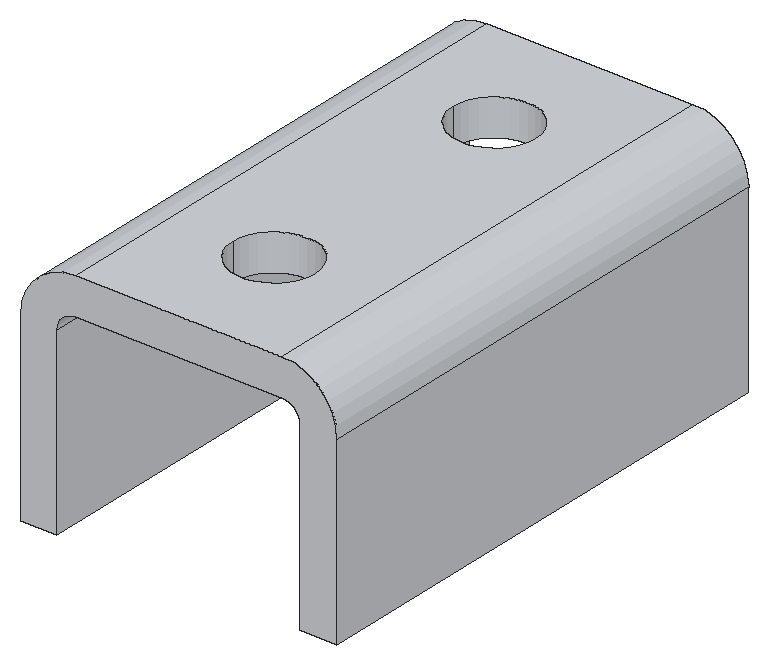
Revit family "Fitting-U_Shape-Unistrut-P1376", category Specialty Equipment, Revit 2012
Parameters
  ecoScorecard_data = "http://products.ecoscorecard.com/atkore/P1376"
  ecoScorecard Product Page = "http://products.ecoscorecard.com/atkore/P1376?action=html"
  Weight Per Piece = 1.28 lbf
  Unit = none
  Unistrut Part Number = "P1376"  # constant formula
  URL = "http://unistrut.us/index.php"
  Thickness = 1/4"
  Subcategory = "U Shape Fittings"
  Product Page URL = "http://unistrut.us/index.php?WP=cat_detail&S=S05&P=P1376"
  Power Strut Part Number = "PS 631"  # constant formula
  Part Type = "Fitting"  # constant formula
  Overall Width = 2 5/32"
  Overall Length = 1 5/8"
  Overall Height = 3 1/2"
  Model = "P1376"
  Material = ""
  Manufacturer Phone - Toll Free = "800-882-5543"  # constant formula
  Manufacturer Phone = "708-339-1610"  # constant formula
  Manufacturer Fax = "708-339-7814"  # constant formula
  Manufacturer Email = "mailto:jshaw@atkore.com"
  Manufacturer Address = "16100 South Lathrop Avenue, Harvey, IL 60426"  # constant formula
  Manufacturer = "Unistrut by Atkore International"  # constant formula
  Load Capacity Note = "Visit the product page for load application and capacity."  # constant formula
  Literature URL = "http://unistrut.us/index.php?WP=LItLibrary"
  Hole Diameter = 9/16"
  Default Elevation = 48"
  Cost Info = "mailto:jshaw@atkore.com"
  Construction Note = ""
  Category = "Specialty Equipment"  # constant formula
  CAD URL = "http://unistrut.us/index.php?WP=CAD3d"
  Assembly Code = "D5020100"
  95 CSI = "16070"  # constant formula
  04 CSI = "26 05 48"  # constant formula
Reference planes (in)
  plane 1 "Center (Front/Back)": y = 0
  plane 2: z = 0
  plane 3 "Center (Left/Right)": x = 0
  plane 4: x = 1.07813
  plane 5: x = -1.07813
  plane 6: z = 1.625
  plane 7: y = 1.75
  plane 8: y = -1.75
  plane 9: z = 1.37461
  plane 10: y = 0.9375
  plane 11: y = -0.9375
Dimensions and locks (in)
  equal spacing: plane 5, plane 3 "Center (Left/Right)", plane 4
  "Overall Width": plane 5 to plane 4
  "Overall Length": plane 6 to level
  equal spacing: plane 7, plane 1 "Center (Front/Back)", plane 8
  "Overall Height": plane 7 to plane 8
  aligned and locked: level to plane 2
  aligned and locked: plane 3 "Center (Left/Right)" to nested 1
  aligned and locked: plane 7 to nested 1
Nested families (in)
  nested 1: "1376" at (-0.00024, 0, 0), type "1376"
Definition of nested family "1376"
  Parameters (values of type "1376")
    Unit = none
    URL = ""
    Thickness = 1/4"
    Overall Width = 2 5/32"
    Overall Length = 1 5/8"
    Overall Height = 3 1/2"
    Model = "P1376"
    Manufacturer = ""
    Hole Diameter = 9/16"
    Assembly Code = ""
  Reference planes (in)
    plane 1 "Center (Front/Back)": y = 0
    plane 2: z = 0
    plane 3 "Center (Left/Right)": x = 0.00024
    plane 4: z = 1.625
    plane 5: y = 1.75
    plane 6: y = -1.75
    plane 7: x = -1.07788
    plane 8: x = 1.07837
  Forms (in)
    Extrusion 1, solid
      sketch origin (0, 0, 0) x (1, 0, 0) y (0, 0, 1)
        loop
          line (-0.82797, 0) -> (-0.82797, 1.24963)
          spline (-0.82797, 1.24963) -> (-0.82683, 1.26659) -> (-0.8235, 1.28285) -> (-0.81814, 1.29827) -> (-0.8109, 1.3127) -> (-0.80192, 1.326) -> (-0.79136, 1.338) -> (-0.77936, 1.34856) -> (-0.76607, 1.35754) -> (-0.75164, 1.36478) -> (-0.73622, 1.37014) -> (-0.71996, 1.37346) -> (-0.70301, 1.37461)
          line (-0.70301, 1.37461) -> (0.70301, 1.37461)
          spline (0.70301, 1.37461) -> (0.71996, 1.37346) -> (0.73622, 1.37014) -> (0.75164, 1.36478) -> (0.76607, 1.35754) -> (0.77936, 1.34856) -> (0.79136, 1.338) -> (0.80192, 1.326) -> (0.8109, 1.3127) -> (0.81814, 1.29827) -> (0.8235, 1.28285) -> (0.82682, 1.26659) -> (0.82796, 1.24963)
          line (0.82796, 1.24963) -> (0.82796, 0) -> (1.07788, 0) -> (1.07788, 1.24963)
          spline (1.07788, 1.24963) -> (1.07446, 1.30051) -> (1.06449, 1.3493) -> (1.04842, 1.39557) -> (1.0267, 1.43886) -> (0.99977, 1.47873) -> (0.96808, 1.51473) -> (0.93208, 1.54642) -> (0.89221, 1.57335) -> (0.84892, 1.59507) -> (0.80266, 1.61114) -> (0.75387, 1.6211) -> (0.70301, 1.62453)
          line (0.70301, 1.62453) -> (-0.70301, 1.62453)
          spline (-0.70301, 1.62453) -> (-0.75387, 1.6211) -> (-0.80266, 1.61114) -> (-0.84892, 1.59507) -> (-0.89221, 1.57335) -> (-0.93208, 1.54642) -> (-0.96808, 1.51473) -> (-0.99977, 1.47873) -> (-1.0267, 1.43886) -> (-1.04842, 1.39557) -> (-1.06449, 1.3493) -> (-1.07446, 1.30051) -> (-1.07788, 1.24963)
          line (-1.07788, 1.24963) -> (-1.07788, 0) -> (-0.82797, 0)
      from -1.75 to 1.75
    Extrusion 2, void
      sketch origin (0, 0, 0) x (1, 0, 0) y (0, 1, 0)
        loop
          circle (0.00024, 0.9375) r 0.28125
        loop
          circle (0.00024, -0.9375) r 0.28125
      from 1.12586 to 1.87444
  Cuts and joins
    Extrusion 2 cuts Extrusion 1
  Dimensions and locks (in)
    "Overall Length": plane 4 to level
    equal spacing: plane 5, plane 1 "Center (Front/Back)", plane 6
    "Overall Height": plane 5 to plane 6
    locked: Extrusion 1 sketch curve to Extrusion 1 sketch curve at 0.24992
    "Overall Width": plane 7 to plane 8
    equal spacing: plane 7, plane 3 "Center (Left/Right)", plane 8
    aligned and locked: level to plane 2
    aligned and locked: plane 5 to Extrusion 1
    aligned and locked: Extrusion 1 to plane 6
  Automatic sketch dimensions
    Extrusion 1 sketch curve to level = 0"  (x2)
    Extrusion 1 sketch curve to plane 4 = 0.25039"
    Extrusion 1 sketch curve to Extrusion 1 sketch curve = 0.12496"
    Extrusion 1 sketch curve to Extrusion 1 sketch curve = 0"  (x2)
    Extrusion 1 sketch curve to plane 4 = 0.37537"  (x4)
    Extrusion 1 sketch curve to Extrusion 1 sketch curve = 0.24992"
    Extrusion 2 sketch curve to plane 3 "Center (Left/Right)" = 0"  (x2)
    plane 6 to Extrusion 2 sketch curve = 13/16"
    Extrusion 2 sketch curve to plane 5 = 13/16"
    plane 7 to Extrusion 1 sketch curve = 0"
    Extrusion 1 sketch curve to plane 7 = 0.24992"
    Extrusion 1 sketch curve to plane 8 = 0.37536"
    Extrusion 1 sketch curve to plane 8 = 0.2504"
    radius of Extrusion 2 sketch curve = 9/32"  (x2)
